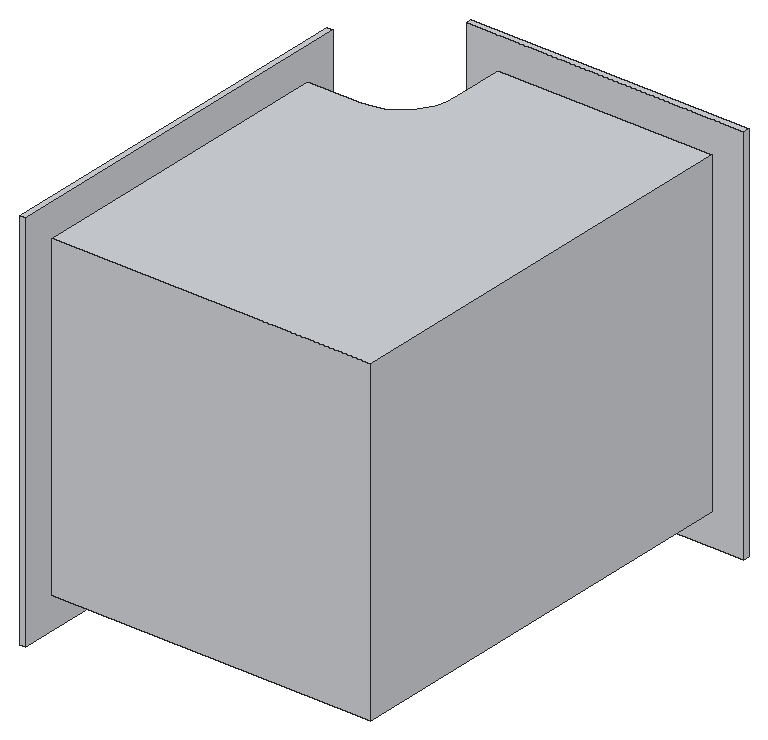
Revit family "RE Winkel asymmetrisch mit Radius WA - Flansch", category Luftkanalformteile, Revit 2014
Parameters (values of type "Allgemein")
  r1 [instance] = if(r = 0 mm, 0.9222 * Max. abcd - 82.8 mm, r)  # 50 mm
  r [instance] = 50 mm
  f1 [instance] = if(f = 0 mm, if(0.9222 * Max. cd - 82.8 mm < r1 * tan(alpha / 2), r1 * tan(alpha / 2), 0.9222 * Max. cd - 82.8 mm), if(f < r1 * tan(alpha / 2), r1 * tan(alpha / 2), f))  # 100 mm
  f [instance] = 100 mm
  e1 [instance] = if(e = 0 mm, if(0.9222 * Max. ab - 82.8 mm < r1 * tan(alpha / 2), r1 * tan(alpha / 2), 0.9222 * Max. ab - 82.8 mm), if(e < r1 * tan(alpha / 2), r1 * tan(alpha / 2), e))  # 100 mm
  e [instance] = 100 mm
  d [instance] = 200 mm
  c [instance] = a  # 300 mm
  b [instance] = 300 mm
  alpha 2 [instance] = if(alpha = 90.00°, 90.00°, acos(d / (b / sin(alpha 1))))  # 90.00°
  alpha 1 [instance] = if(alpha = 90.00°, 90.00°, atan(b * 0.5 / Länge 1))  # 90.00°
  alpha [instance] = 90.00°
  a [instance] = 300 mm
  Max. cd [instance] = if(d > c, d, c)  # 300 mm
  Max. abcd [instance] = if(Max. ab > Max. cd, Max. ab, Max. cd)  # 300 mm
  Max. ab [instance] = if(a > b, a, b)  # 300 mm
  Länge 6 [instance] = b / 2 + r1  # 200 mm
  Länge 5 [instance] = if(alpha = 90.00°, -d / 2 + 5000 mm, b / (2 * tan(alpha)) - d / (2 * sin(alpha)) + 5000 mm)  # 4900 mm
  Länge 4 [instance] = (b - d) / 2  # 50 mm
  Länge 3 [instance] = r1 * tan(alpha / 2)  # 50 mm
  Länge 2 [instance] = if(alpha = 90.00°, b * 0.5 + e1, d * 0.5 * tan(alpha 2) + e1)  # 250 mm
  Länge 1 [instance] = if(abs((b * cos(alpha) - d) / (2 * sin(alpha))) = 0 mm, 10 mm, abs((b * cos(alpha) - d) / (2 * sin(alpha))))  # 100 mm
  Flansch d [instance] = d + 2 * Flanschverlängerung  # 260 mm
  Flansch c [instance] = c + 2 * Flanschverlängerung  # 360 mm
  Flansch b [instance] = b + 2 * Flanschverlängerung  # 360 mm
  Flansch a [instance] = a + 2 * Flanschverlängerung  # 360 mm
  Flanschstärke [instance] = 5 mm
  Flanschverlängerung [instance] = 30 mm
  Assembly Code = ""
Reference planes
  plane 1 "Mitte (Vorne/Hinten)": y = 0
  plane 2: z = 0
  plane 3 "Mitte (Links/Rechts)": x = 0
  plane 4: x = -100
  plane 5: x = -200
  plane 6: z = 150
  plane 7: z = -150
  plane 8: x = -205
  plane 9: y = 180
  plane 10: y = -180
  plane 11: x = -5000
  plane 12: x = -100
  plane 13: x = -150
  plane 14: y = 150
  plane 15: y = -150
  plane 16: y = 200
  plane 17: y = -3150
Forms (mm)
  Sweep 1, solid, detail levels medium+fine
    path origin (0, 0, 0) x (0, 1, 0) y (-1, 0, 0)
      loop
        line (250, 0) -> (150, 0)
    profile "Luftkanal - rechteckig : Luftkanal - rechteckig 2" origin (0, 200, 0) x (1, 0, 0) y (0, 0, 1)
      loop
        line (-100, 150) -> (-100, -150) -> (100, -150) -> (100, 150) -> (-100, 150)
  Sweep 2, solid, detail levels medium+fine
    path in 3D
      loop
        line (0, 255, 0) -> (0, 250, 0)
    profile "Luftkanal - rechteckig : Luftkanal - rechteckig 2" origin (0, 252.5, 0) x (1, 0, 0) y (0, 0, 1)
      loop
        line (-100, 150) -> (-100, -150) -> (100, -150) -> (100, 150) -> (-100, 150)
  Sweep 3, solid, detail levels fine
    path in 3D
      loop
        line (0, 255, 0) -> (0, 250, 0)
    profile "Luftkanal - rechteckig : Luftkanal - Flansch 2" origin (0, 252.5, 0) x (1, 0, 0) y (0, 0, 1)
      loop
        line (-130, 180) -> (-130, -180) -> (130, -180) -> (130, 180) -> (-130, 180)
  Extrusion 4, solid, detail levels medium+fine
    sketch origin (0, 0, 0) x (1, 0, 0) y (0, 1, 0)
      loop
        line (-100, 255) -> (-100, 150) -> (-205, 150) -> (-205, -150) -> (100, -150) -> (100, 255) -> (-100, 255)
    from -150 to 150
  SweptBlend 5, solid, detail levels medium+fine
    path in 3D
      loop
        arc (-150, 0, 0) -> (-8.579, 58.579, 0) -> (50, 200, 0) r 200
    profile "Luftkanal - rechteckig : Luftkanal - rechteckig 1" origin (-150, 0, 0) x (0, 1, 0) y (0, 0, 1)
      loop
        line (-150, 150) -> (-150, -150) -> (150, -150) -> (150, 150) -> (-150, 150)
    end profile "Luftkanal - rechteckig : Luftkanal - rechteckig 2" origin (50, 200, 0) x (-1, 0, 0) y (0, 0, 1)
      loop
        line (-50, 150) -> (-50, -150) -> (150, -150) -> (150, 150) -> (-50, 150)
  Extrusion 6, void
    sketch origin (0, 0, 0) x (0, 1, 0) y (-1, 0, 0)
      loop
        line (-150, 200) -> (-3150, 200) -> (-3150, -3100) -> (250, -3100) -> (250, -100) -> (-150, -100) -> (-150, 200)
    from -150 to 150
  Sweep 7, solid, detail levels fine
    path origin (0, 0, 0) x (0, 1, 0) y (-1, 0, 0)
      loop
        line (0, 205) -> (0, 200)
    profile "Luftkanal - rechteckig : Luftkanal - Flansch 1" origin (-202.5, 0, 0) x (0, 1, 0) y (0, 0, 1)
      loop
        line (-180, 180) -> (-180, -180) -> (180, -180) -> (180, 180) -> (-180, 180)
Cuts and joins
  Extrusion 6 cuts SweptBlend 5
  joined: Sweep 1, Sweep 2, Extrusion 4, SweptBlend 5
Lines and regions (mm)
  reference lines
    curve 1: line (0, 0, 0) -> (0, 459.23, 0)
    curve 2: line (-100, 0, 0) -> (0, 0, 0)
    curve 3: line (-242.433, 150, 0) -> (1045.144, 150, 0)
    curve 4: line (-242.433, -150, 0) -> (885.144, -150, 0)
    curve 5: line (-100, 477.398, 0) -> (-100, -322.602, 0)
    curve 6: line (100, 477.398, 0) -> (100, -322.602, 0)
    curve 7: line (0, 0, 0) -> (980, 0, 0)
    curve 8: line (-511.337, 250, 0) -> (980, 250, 0)
    curve 9: line (-511.337, 150, 0) -> (468.663, 150, 0)
    curve 13: line (-236.363, 255, 0) -> (253.637, 255, 0)
    curve 18: line (-130, 477.398, 0) -> (-130, 283.538, 0)
    curve 19: line (130, 477.398, 0) -> (130, 377.398, 0)
    curve 21: arc (-150, 0, 0) -> (-8.579, 58.579, 0) -> (50, 200, 0) r 200
    curve 23: line (3100, 760.502, 0) -> (3100, 240.502, 0)
  model lines, detail levels coarse
    curve 10: line (-200, 0, 0) -> (0, 0, 0)
    curve 11: line (0, 0, 0) -> (0, 250, 0)
    curve 12: line (-205, 0, 0) -> (-200, 0, 0)
    curve 14: line (0, 255, 0) -> (0, 250, 0)
    curve 17: line (-205, 180, 0) -> (-205, -180, 0)
    curve 20: line (-130, 255, 0) -> (130, 255, 0)
  sketch lines
    curve 15: line (0, 255, 0) -> (0, 250, 0)
    curve 16: line (0, 255, 0) -> (0, 250, 0)
    curve 22: arc (-150, 0, 0) -> (-8.579, 58.579, 0) -> (50, 200, 0) r 200
Dimensions and locks
  equal spacing: curve 4, curve 2, curve 3
  "b": curve 4 to curve 3
  "Länge 1": plane 4 to plane 3 "Mitte (Links/Rechts)"
  "f1": plane 5 to plane 4
  "Länge 2": curve 7 to curve 8
  equal spacing: curve 5, curve 1, curve 6
  "d": curve 5 to curve 6
  equal spacing: plane 6, plane 2, plane 7
  "a": plane 6 to plane 7
  "e1": curve 9 to curve 8
  "Flanschstärke": plane 8 to plane 5
  "Flanschstärke": curve 8 to curve 13
  equal spacing: plane 10, plane 1 "Mitte (Vorne/Hinten)", plane 9
  "Flansch b": plane 10 to plane 9
  equal spacing: curve 18, curve 1, curve 19
  "Flansch d": curve 18 to curve 19
  locked: plane 11 to plane 3 "Mitte (Links/Rechts)" at 5000
  "Länge 5": plane 11 to plane 12
  "Länge 3": plane 13 to plane 12
  equal spacing: plane 15, plane 1 "Mitte (Vorne/Hinten)", plane 14
  "b": plane 15 to plane 14
  "r1": plane 14 to plane 16
  locked: curve 6 to curve 23 at 3000
  locked: plane 15 to plane 17 at 3000
  "Länge 6": radius of curve 21
  "alpha": angle plane 1 "Mitte (Vorne/Hinten)" to curve 1
  "alpha": angle plane 1 "Mitte (Vorne/Hinten)" to curve 5
  "alpha": angle plane 1 "Mitte (Vorne/Hinten)" to curve 6
  locked: curve 7 to curve 1 (angle 90.00°)
  locked: curve 1 to curve 8 (angle 90.00°)
  "alpha": angle plane 3 "Mitte (Links/Rechts)" to curve 9
  "alpha": angle plane 3 "Mitte (Links/Rechts)" to curve 13
  "alpha": angle curve 21 to curve 21
  locked: curve 23 to curve 7 (angle 90.00°)
  aligned and locked: level to plane 2
  aligned and locked: plane 1 "Mitte (Vorne/Hinten)" to curve 1
  aligned and locked: plane 3 "Mitte (Links/Rechts)" to curve 2
  aligned and locked: plane 1 "Mitte (Vorne/Hinten)" to curve 2
  aligned and locked: plane 4 to curve 2
  aligned and locked: plane 1 "Mitte (Vorne/Hinten)" to curve 7
  aligned and locked: plane 3 "Mitte (Links/Rechts)" to curve 7
  aligned and locked: curve 8 to Sweep 1 sketch curve
  aligned and locked: curve 9 to Sweep 1 sketch curve
  aligned and locked: Sweep 1 sketch curve to curve 1
  aligned and locked: plane 1 "Mitte (Vorne/Hinten)" to curve 10
  aligned and locked: plane 3 "Mitte (Links/Rechts)" to curve 10
  aligned and locked: plane 5 to curve 10
  aligned and locked: curve 11 to curve 1
  aligned and locked: plane 1 "Mitte (Vorne/Hinten)" to curve 11
  aligned and locked: plane 8 to curve 12
  aligned and locked: plane 5 to curve 12
  aligned and locked: curve 13 to curve 14
  aligned and locked: curve 8 to curve 14
  aligned and locked: curve 14 to curve 1
  aligned and locked: plane 9 to curve 17
  aligned and locked: plane 10 to curve 17
  aligned and locked: curve 17 to plane 8
  aligned and locked: curve 19 to curve 20
  aligned and locked: curve 18 to curve 20
  aligned and locked: curve 13 to curve 20
  aligned and locked: curve 6 to Extrusion 4 sketch curve  (x2)
  aligned and locked: curve 4 to Extrusion 4 sketch curve  (x2)
  aligned and locked: plane 6 to Extrusion 4
  aligned and locked: plane 7 to Extrusion 4
  aligned and locked: curve 13 to Extrusion 4 sketch curve  (x2)
  aligned and locked: plane 8 to Extrusion 4 sketch curve  (x2)
  aligned and locked: curve 3 to Extrusion 4 sketch curve  (x2)
  aligned and locked: curve 5 to Extrusion 4 sketch curve  (x2)
  aligned and locked: curve 21 to plane 13  (x2)
  aligned and locked: plane 16 to curve 21
  aligned and locked: Extrusion 6 sketch curve to plane 5  (x2)
  aligned and locked: Extrusion 6 sketch curve to plane 15
  aligned and locked: plane 17 to Extrusion 6 sketch curve
  aligned and locked: curve 6 to Extrusion 6 sketch curve  (x2)
  aligned and locked: curve 4 to Extrusion 6 sketch curve
  aligned and locked: curve 8 to Extrusion 6 sketch curve  (x2)
  aligned and locked: curve 23 to Extrusion 6 sketch curve  (x2)
  aligned and locked: Extrusion 6 sketch curve to plane 17
  aligned and locked: Extrusion 6 to plane 6
  aligned and locked: plane 7 to Extrusion 6
  aligned and locked: plane 8 to Sweep 7 sketch curve
  aligned and locked: plane 5 to Sweep 7 sketch curve
  aligned and locked: plane 1 "Mitte (Vorne/Hinten)" to Sweep 7 sketch curve
Automatic sketch dimensions
  curve 12 to curve 1 = 0 mm
  curve 1 to plane 3 "Mitte (Links/Rechts)" = 0 mm
  curve 4 to curve 2 = 142.433 mm
  curve 3 to curve 2 = 142.433 mm
  curve 2 to curve 4 = 885.144 mm
  curve 4 to curve 3 = 160 mm
  curve 6 to curve 1 = 322.602 mm
  curve 5 to curve 6 = 0 mm
  curve 13 to curve 18 = 28.538 mm
  curve 23 to curve 1 = 218.729 mm
  curve 19 to curve 1 = 81.832 mm
  curve 1 to curve 19 = 18.168 mm
  curve 1 to curve 18 = 18.168 mm
  curve 8 to curve 1 = 980 mm
  curve 9 to curve 1 = 468.663 mm
  curve 13 to curve 1 = 253.637 mm
Connectors
  hvac at (-205, 0, 0), driven by "alpha", driven by "a", driven by "b"
    settings: on Sweep 7, index 1, duct flow 0.0 L/s, flow factor 0, pres drop 0.0 Pa, loss coef 0, conn angle 90.00°, conn width 300 mm, conn height 300 mm, conn diameter 609.6 mm, duct sys type 28, conn prof type 1, flow config 0, flow direction 0, loss method 0, conn ref index 2, conn util no, is conn primary yes, conn desc ""
  hvac at (0, 255, 0), driven by "alpha", driven by "c", driven by "d"
    settings: on Sweep 3, index 2, duct flow 0.0 L/s, flow factor 0, pres drop 0.0 Pa, loss coef 0, conn angle 90.00°, conn width 200 mm, conn height 300 mm, conn diameter 609.6 mm, duct sys type 28, conn prof type 1, flow config 0, flow direction 0, loss method 0, conn ref index 1, conn util no, is conn primary no, conn desc ""
